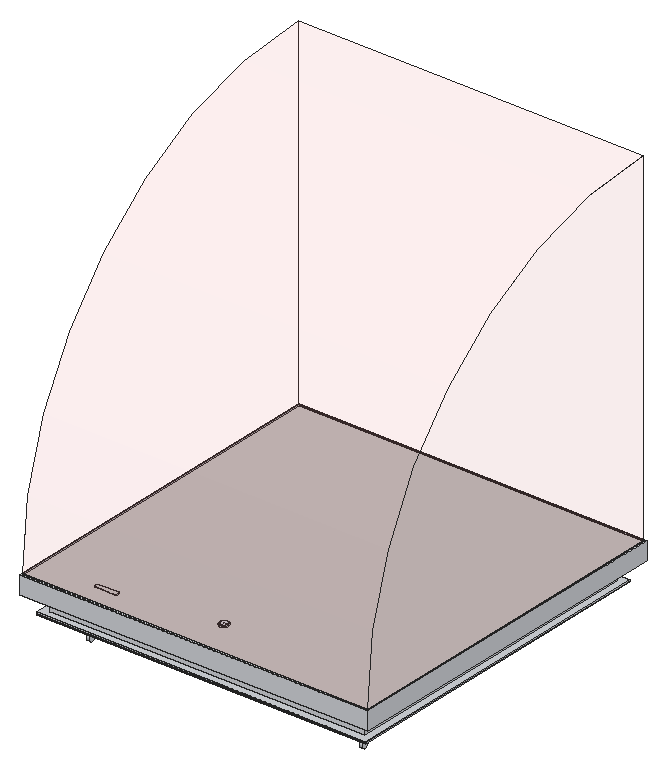
Revit family "Door_Access_Fire-Floor_Acudor_FRFD", category Generic Models, host Face, Revit 2026
Family settings
  Host = Face
  Can host rebar = No
  Round Connector Dimension = Use Diameter
  Part Type = Normal
  Cut with Voids When Loaded = No
  Maintain Annotation Orientation = No
  Shared = No
  Room Calculation Point = No
Parameters (values of type "48 x 48 Nom")
  Warranty Duration (Years) = 0
  Unit Width = 4' - 0"
  Unit Weight = 280
  Unit Height = 4' - 0"
  Unit Depth = 0' - 8"
  URL = "http://www.acudor.com/"
  Test Data = ""
  Swing Clearance Visible [instance] = yes
  Standards Conformance = "NFPA 288  ;   ASTM E119  ;  Warnock Hersey International"
  Specification = ""
  SpecWizard = ""
  Send Message = ""
  Sales Information = "http://www.acudor.com/contactus"
  Revision = "R1_2017-03"
  Product Properties = ""
  Product Data = "http://www.arcat.com/arcatcos/cos30/arc30126.html"
  Overall Width = 4' - 10"
  Overall Height = 4' - 10"
  Opening Width = Unit Width  # 4' - 0"
  Opening Height = Unit Height  # 4' - 0"
  Opening Depth [instance] = 1' - 0"
  Model = "FRFD"
  Manufacturer Website = "http://www.acudor.com/"
  Manufacturer Phone - Toll Free = "800-722-0501"
  Manufacturer Phone = "973-575-5120"
  Manufacturer Fax = "973-575-5160"
  Manufacturer Address = "80 Little Falls Rd.  Fairfield, NJ 07004"
  Manufacturer = "Acudor Products Inc"
  Maintenance Schedule (Months) = 0
  Keynote = ""
  Installation-Fabrication = ""
  Installation Phase = ""
  Green Building-LEED = "http://www.arcat.com/green/clients/leed_data_30126.html"
  Fixture Finish [instance] = Metal - Acudor - Aluminum Diamond Plated
  Fire Performance = "2 HR Floor Ceiling Assembly"
  Expected Lifespan (Years) = 0
  Drawn By = "Sumex Design, Inc. / Robert S. Weygant, CSI, CDT, SCIP"
  Door Width = Overall Width - 0' 0 1/2"  # 4' - 9 1/2"
  Door Height = Overall Height - 0' 0 1/2"  # 4' - 9 1/2"
  Description = "Acudor Fire Rated Flush Floor Access Door - FRFD as Specified"
  Default Elevation = 0' - 0"  # constant formula
  Copyright = "©Arcat Inc."
  Construction Details = ""
  Clearance Material [instance] = ARCAT Clearance
  Clear Opening Width = 4' - 0"
  Clear Opening Height = 3' - 8"
  Capacity = "Live Load 150 lbs/sqft"
  Available Options [instance] = "as Specified"
  Assembly Code = ""
Types (9): name | Unit Width | Unit Weight | Unit Height | Overall Width | Overall Height | Opening Width | Opening Height | Door Width | Door Height | Clear Opening Width | Clear Opening Height
  48 x 48 Nom | 4' - 0" | 280 | 4' - 0" | 4' - 10" | 4' - 10" | 4' - 0" | 4' - 0" | 4' - 9 1/2" | 4' - 9 1/2" | 4' - 0" | 3' - 8"
  42 x 42 Nom | 3' - 6" | 250 | 3' - 6" | 4' - 4" | 4' - 4" | 3' - 6" | 3' - 6" | 4' - 3 1/2" | 4' - 3 1/2" | 3' - 6" | 3' - 2"
  36 x 48 Nom | 3' - 0" | 240 | 4' - 0" | 3' - 10" | 4' - 10" | 3' - 0" | 4' - 0" | 3' - 9 1/2" | 4' - 9 1/2" | 4' - 0" | 2' - 8"
  36 x 36 Nom | 3' - 0" | 190 | 3' - 0" | 3' - 10" | 3' - 10" | 3' - 0" | 3' - 0" | 3' - 9 1/2" | 3' - 9 1/2" | 3' - 0" | 2' - 8"
  30 x 36 Nom | 2' - 6" | 160 | 3' - 0" | 3' - 4" | 3' - 10" | 2' - 6" | 3' - 0" | 3' - 3 1/2" | 3' - 9 1/2" | 3' - 0" | 2' - 2"
  30 x 30 Nom | 2' - 6" | 130 | 2' - 6" | 3' - 4" | 3' - 4" | 2' - 6" | 2' - 6" | 3' - 3 1/2" | 3' - 3 1/2" | 2' - 6" | 2' - 2"
  24 x 48 Nom | 2' - 0" | 160 | 4' - 0" | 2' - 10" | 4' - 10" | 2' - 0" | 4' - 0" | 2' - 9 1/2" | 4' - 9 1/2" | 4' - 0" | 1' - 8"
  24 x 36 Nom | 2' - 0" | 140 | 3' - 0" | 2' - 10" | 3' - 10" | 2' - 0" | 3' - 0" | 2' - 9 1/2" | 3' - 9 1/2" | 3' - 0" | 1' - 8"
  24 x 24 Nom | 2' - 0" | 80 | 2' - 0" | 2' - 10" | 2' - 10" | 2' - 0" | 2' - 0" | 2' - 9 1/2" | 2' - 9 1/2" | 2' - 0" | 1' - 8"
Reference planes (in)
  plane 1 "Center (Front/Back)": y = 1.28343
  plane 2: z = 0
  plane 3 "Center (Left/Right)": x = 0
  plane 4: y = 25.28343
  plane 5: y = -22.71657
  plane 6: x = -24
  plane 7: x = 24
  plane 8: z = 0
  plane 9: y = 30.28343
  plane 10: y = -27.71657
  plane 11: x = -29
  plane 12: x = 29
  plane 13: z = -8
  plane 14: x = -24
  plane 15: x = 24
  plane 16: y = 25.28343
  plane 17: y = -22.71657
  plane 18: z = -12
  plane 19: x = -28.75
  plane 20: x = 28.75
Forms (in)
  Extrusion 1, void
    sketch origin (0, 0, 0) x (1, 0, 0) y (0, 1, 0)
      loop
        line (-24, 25.28343) -> (-24, -22.71657) -> (24, -22.71657) -> (24, 25.28343) -> (-24, 25.28343)
    from -12 to 0
  Extrusion 2, void
    sketch origin (0, 0, 0) x (1, 0, 0) y (0, 1, 0)
      loop
        line (-29, 30.28343) -> (-29, -27.71657) -> (29, -27.71657) -> (29, 30.28343) -> (-29, 30.28343)
    from 0 to -3
  Sweep 3, solid
    path origin (0, 0, 0) x (1, 0, 0) y (0, 1, 0)
      loop
        line (-29, 30.28343) -> (-29, -27.71657) -> (29, -27.71657) -> (29, 30.28343) -> (-29, 30.28343)
    profile origin (0, 30.28343, 0) x (0, 1, 0) y (0, 0, 1)
      loop
        line (0, 0) -> (-0.25, 0) -> (-0.25, -2.75) -> (-3, -2.75) -> (-3, -3) -> (0, -3) -> (0, 0)
  Sweep 4, solid
    path origin (0, 0, 0) x (1, 0, 0) y (0, 1, 0)
      loop
        line (-29, 30.28343) -> (-29, -27.71657) -> (29, -27.71657) -> (29, 30.28343) -> (-29, 30.28343)
    profile origin (0, 30.28343, 0) x (0, 1, 0) y (0, 0, 1)
      loop
        line (-3, -3) -> (-3, -6) -> (-1.5, -6) -> (-1.5, -5.75) -> (-2.75, -5.75) -> (-2.75, -3.25) -> (-1.5, -3.25) -> (-1.5, -3) -> (-3, -3)
  Sweep 5, void
    path origin (0, 0, 0) x (1, 0, 0) y (0, 1, 0)
      loop
        line (-26, 27.28343) -> (-26, -24.71657) -> (26, -24.71657) -> (26, 27.28343) -> (-26, 27.28343)
    profile origin (0, 27.28343, 0) x (0, 1, 0) y (0, 0, 1)
      loop
        line (1.5, -3) -> (0, -3) -> (0, -6) -> (1.5, -6) -> (1.5, -5.75) -> (0.25, -5.75) -> (0.25, -3.25) -> (1.5, -3.25) -> (1.5, -3)
  Extrusion 6, void
    sketch origin (0, 0, 0) x (1, 0, 0) y (0, 1, 0)
      loop
        line (-26, 27.28343) -> (-26, -24.71657) -> (26, -24.71657) -> (26, 27.28343) -> (-26, 27.28343)
    from -6 to -3
  Sweep 7, solid
    path origin (0, 0, 0) x (1, 0, 0) y (0, 1, 0)
      loop
        line (-29, 30.28343) -> (-29, -27.71657) -> (29, -27.71657) -> (29, 30.28343) -> (-29, 30.28343)
    profile origin (0, 30.28343, 0) x (0, 1, 0) y (0, 0, 1)
      loop
        line (-1.5, -6) -> (-5, -6) -> (-5, -8) -> (-4.875, -8) -> (-4.875, -6.125) -> (-1.5, -6.125) -> (-1.5, -6)
  Sweep 8, void
    path origin (0, 0, 0) x (1, 0, 0) y (0, 1, 0)
      loop
        line (-29, 30.28343) -> (-29, -27.71657) -> (29, -27.71657) -> (29, 30.28343) -> (-29, 30.28343)
    profile origin (0, 30.28343, 0) x (0, 1, 0) y (0, 0, 1)
      loop
        line (-5, -6) -> (-5, -8) -> (-4.875, -8) -> (-4.875, -6.125) -> (-1.5, -6.125) -> (-1.5, -6) -> (-5, -6)
  Extrusion 9, solid
    sketch origin (0, 0, 0) x (1, 0, 0) y (0, 1, 0)
      loop
        line (-28.75, 30.03343) -> (-28.75, -27.46657) -> (28.75, -27.46657) -> (28.75, 30.03343) -> (-28.75, 30.03343)
    from 0 to -2.75
  Extrusion 10, solid
    sketch origin (0, 0, 0) x (1, 0, 0) y (0, 1, 0)
      loop
        line (-25.5, 26.78343) -> (-25.5, -24.21657) -> (25.5, -24.21657) -> (25.5, 26.78343) -> (-25.5, 26.78343)
    from -6 to -2.75
  Extrusion 11, solid
    sketch origin (24, 19.13326, 48) x (0, 1, 0) y (0, 0, 1)
      loop
        line (-40.34983, -54.125) -> (-40.34983, -55.375) -> (-40.03733, -55.375) -> (-40.03733, -57.68497)
        arc (-40.03733, -57.68497) -> (-39.97483, -58.68105) -> (-39.91233, -57.68497) r 0.5
        line (-39.91233, -57.68497) -> (-39.91233, -55.375) -> (-39.59983, -55.375) -> (-39.59983, -54.125) -> (-40.34983, -54.125)
    from -1.5 to -1
  Extrusion 12, solid
    sketch origin (-24, 19.13326, 48) x (0, 1, 0) y (0, 0, 1)
      loop
        line (-40.34983, -54.125) -> (-40.34983, -55.375) -> (-40.03733, -55.375) -> (-40.03733, -57.68497)
        arc (-40.03733, -57.68497) -> (-39.97483, -58.68105) -> (-39.91233, -57.68497) r 0.5
        line (-39.91233, -57.68497) -> (-39.91233, -55.375) -> (-39.59983, -55.375) -> (-39.59983, -54.125) -> (-40.34983, -54.125)
    from 1.5 to 1
  Extrusion 13, solid, material "Metal - Acudor - Aluminum Diamond Plated" <- "Fixture Finish"
    sketch origin (0, 0, 0) x (1, 0, 0) y (0, 1, 0)
      loop
        arc (-19.31977, -23.40898) -> (-19.49655, -23.48221) -> (-19.56977, -23.65898) r 0.25
        line (-19.56977, -23.65898) -> (-19.56977, -23.90898)
        arc (-19.56977, -23.90898) -> (-19.49655, -24.08576) -> (-19.31977, -24.15898) r 0.25
        line (-19.31977, -24.15898) -> (-16.06977, -24.15898)
        arc (-16.06977, -24.15898) -> (-15.893, -24.08576) -> (-15.81977, -23.90898) r 0.25
        line (-15.81977, -23.90898) -> (-15.81977, -23.65898)
        arc (-15.81977, -23.65898) -> (-15.893, -23.48221) -> (-16.06977, -23.40898) r 0.25
        line (-16.06977, -23.40898) -> (-19.31977, -23.40898)
    from 0 to -2.04273
  Extrusion 14, solid
    sketch origin (0, 0, 0) x (1, 0, 0) y (0, 1, 0)
      loop
        circle (0, -21.49023) r 0.75
    from 0 to 0.0625
  Extrusion 15, solid
    sketch origin (0, 0, 0) x (1, 0, 0) y (0, 1, 0)
      loop
        circle (0, -21.49023) r 0.62422
      loop
        line (-0.56975, -21.39055) -> (-0.56975, -21.5899) -> (0.56975, -21.5899) -> (0.56975, -21.39055) -> (-0.56975, -21.39055)
    from 0 to 0.18343
  Extrusion 16, solid, material "ARCAT Clearance" <- "Clearance Material", visible <- "Swing Clearance Visible"
    sketch origin (0, 0, 0) x (0, 1, 0) y (0, 0, 1)
      loop
        arc (30.03343, 57.5) -> (-10.62521, 40.65864) -> (-27.46657, 0) r 57.5
        line (-27.46657, 0) -> (30.03343, 0) -> (30.03343, 57.5)
    from -28.75 to 28.75
Dimensions and locks (in)
  locked: plane 8 to level
  equal spacing: plane 4, plane 1 "Center (Front/Back)", plane 5
  "Unit Height": plane 4 to plane 5
  equal spacing: plane 6, plane 3 "Center (Left/Right)", plane 7
  "Unit Width": plane 6 to plane 7
  equal spacing: plane 11, plane 3 "Center (Left/Right)", plane 12
  equal spacing: plane 9, plane 1 "Center (Front/Back)", plane 10
  "Overall Width": plane 11 to plane 12
  "Overall Height": plane 9 to plane 10
  "Unit Depth": plane 8 to plane 13
  equal spacing: plane 16, plane 1 "Center (Front/Back)", plane 17
  equal spacing: plane 14, plane 3 "Center (Left/Right)", plane 15
  "Opening Width": plane 14 to plane 15
  "Opening Height": plane 16 to plane 17
  "Opening Depth": level to plane 18
  locked: plane 11 to Sweep 5 sketch curve at 3
  locked: Sweep 5 sketch curve to plane 12 at 3
  locked: plane 9 to Sweep 5 sketch curve at 3
  locked: Sweep 5 sketch curve to plane 10 at 3
  locked: plane 9 to Extrusion 6 sketch curve at 3
  locked: Extrusion 6 sketch curve to plane 10 at 3
  locked: plane 11 to Extrusion 6 sketch curve at 3
  locked: Extrusion 6 sketch curve to plane 12 at 3
  locked: plane 9 to Extrusion 9 sketch curve at 0.25
  locked: plane 11 to Extrusion 9 sketch curve at 0.25
  locked: Extrusion 9 sketch curve to plane 12 at 0.25
  locked: Extrusion 9 sketch curve to plane 10 at 0.25
  locked: plane 9 to Extrusion 10 sketch curve at 3.5
  locked: plane 11 to Extrusion 10 sketch curve at 3.5
  locked: Extrusion 10 sketch curve to plane 12 at 3.5
  locked: Extrusion 10 sketch curve to plane 10 at 3.5
  Extrusion 11 sketch curve to Extrusion 11 sketch curve to Extrusion 11 sketch curve to plane 13 to Extrusion 11 sketch curve = 0' - 1 1/4" locked, 0' - 0" locked, 0' - 0 5/8" locked, 0' - 2.18105" locked
  Extrusion 12 sketch curve to Extrusion 12 sketch curve to Extrusion 12 sketch curve to plane 13 to Extrusion 12 sketch curve = 0' - 1 1/4" locked, 0' - 0" locked, 0' - 0 5/8" locked, 0' - 2.18105" locked
  plane 17 to Extrusion 11 sketch curve to Extrusion 11 sketch curve to Extrusion 11 sketch curve to Extrusion 11 sketch curve to Extrusion 11 sketch curve = 0' - 1 1/2" locked, 0' - 0 5/16" locked, 0' - 0 1/16" locked, 0' - 0 1/16" locked, 0' - 0 5/16" locked
  plane 17 to Extrusion 12 sketch curve to Extrusion 12 sketch curve to Extrusion 12 sketch curve to Extrusion 12 sketch curve to Extrusion 12 sketch curve = 0' - 1 1/2" locked, 0' - 0 5/16" locked, 0' - 0 1/16" locked, 0' - 0 1/16" locked, 0' - 0 5/16" locked
  Extrusion 13 sketch curve to Extrusion 13 sketch curve to plane 10 = 0' - 0 3/4" locked, 0' - 3.55759" locked
  plane 11 to Extrusion 13 sketch curve to Extrusion 13 sketch curve = 0' - 9.43023" locked, 0' - 3 3/4" locked
  Extrusion 15 sketch curve to Extrusion 15 sketch curve to Extrusion 15 sketch curve to plane 10 = 0' - 0.09968" locked, 0' - 0.09968" locked, 0' - 6.12667" locked
  locked: Extrusion 14 sketch curve to plane 10 at 6.22634
  locked: Extrusion 16 sketch curve to plane 9 at 0.25
  locked: plane 10 to Extrusion 16 sketch curve at 0.25
  locked: plane 11 to plane 19 at 0.25
  locked: plane 12 to plane 20 at 0.25
  "Door Height": radius of Extrusion 16 sketch curve
  aligned and locked: host face to plane 2
  aligned and locked: host face to level
  aligned and locked: Extrusion 1 sketch curve to plane 16
  aligned and locked: Extrusion 1 sketch curve to plane 14
  aligned and locked: Extrusion 1 sketch curve to plane 17
  aligned and locked: Extrusion 1 sketch curve to plane 15
  aligned and locked: Extrusion 1 to plane 18
  aligned and locked: plane 8 to Extrusion 1
  aligned and locked: Extrusion 2 sketch curve to plane 9
  aligned and locked: Extrusion 2 sketch curve to plane 11
  aligned and locked: Extrusion 2 sketch curve to plane 10
  aligned and locked: Extrusion 2 sketch curve to plane 12
  aligned and locked: Sweep 3 sketch curve to plane 9
  aligned and locked: Sweep 3 sketch curve to plane 11
  aligned and locked: Sweep 3 sketch curve to plane 10
  aligned and locked: Sweep 3 sketch curve to plane 12
  aligned and locked: Sweep 4 sketch curve to Sweep 3  (x4)
  aligned and locked: Sweep 7 sketch curve to Sweep 3  (x3)
  aligned and locked: Sweep 7 sketch curve to plane 12
  aligned and locked: Sweep 8 sketch curve to Sweep 3  (x4)
  aligned and locked: Extrusion 16 to plane 20
  aligned and locked: Extrusion 16 to plane 19
Automatic sketch dimensions
  host sketch curve to host sketch curve = 12' - 11.75605"
  host sketch curve to host sketch curve = 12' - 7.74281"
  Sweep 3 sketch curve to level = 0' - 0"
  Sweep 3 sketch curve to profile plane = 0' - 0"
  profile plane to Sweep 3 sketch curve = 0' - 0 1/4"
  Sweep 3 sketch curve to Sweep 3 sketch curve = 0' - 2 3/4"  (x2)
  Sweep 3 sketch curve to Sweep 3 sketch curve = 0' - 0 1/4"
  profile plane to Sweep 4 sketch curve = 0' - 3"
  Sweep 4 sketch curve to Sweep 4 sketch curve = 0' - 0 1/4"  (x3)
  Sweep 4 sketch curve to Sweep 4 sketch curve = 0' - 1 1/4"  (x2)
  Sweep 4 sketch curve to level = 0' - 6"
  Sweep 4 sketch curve to Sweep 4 sketch curve = 0' - 2 1/2"
  Sweep 5 sketch curve to profile plane = 0' - 0"
  Sweep 5 sketch curve to profile plane = 0' - 0 1/4"
  Sweep 5 sketch curve to Sweep 5 sketch curve = 0' - 1 1/4"  (x2)
  Sweep 5 sketch curve to level = 0' - 6"
  Sweep 5 sketch curve to Sweep 5 sketch curve = 0' - 0 1/4"  (x2)
  Sweep 5 sketch curve to Sweep 5 sketch curve = 0' - 2 1/2"
  profile plane to Sweep 7 sketch curve = 0' - 5"
  Sweep 7 sketch curve to Sweep 7 sketch curve = 0' - 0 1/8"  (x2)
  Sweep 7 sketch curve to level = 0' - 8"
  Sweep 7 sketch curve to Sweep 7 sketch curve = 0' - 1 7/8"
  profile plane to Sweep 7 sketch curve = 0' - 1 1/2"
  profile plane to Sweep 8 sketch curve = 0' - 5"
  Sweep 8 sketch curve to Sweep 8 sketch curve = 0' - 0 1/8"  (x2)
  profile plane to Sweep 8 sketch curve = 0' - 1 1/2"
  Sweep 8 sketch curve to level = 0' - 8"
  Sweep 8 sketch curve to Sweep 8 sketch curve = 0' - 1 7/8"
  Extrusion 11 sketch curve to Extrusion 11 sketch curve = 0' - 0 127/256"
  Extrusion 12 sketch curve to Extrusion 12 sketch curve = 0' - 0 127/256"
  Extrusion 13 sketch curve to Extrusion 13 sketch curve = 0' - 0 1/4"  (x3)
  Extrusion 13 sketch curve to Extrusion 13 sketch curve = 0' - 0"
  Extrusion 14 sketch curve to plane 3 "Center (Left/Right)" = 0' - 0"
  Extrusion 15 sketch curve to plane 3 "Center (Left/Right)" = 0' - 0"
  Extrusion 15 sketch curve to plane 3 "Center (Left/Right)" = 0' - 0.56975"
  plane 3 "Center (Left/Right)" to Extrusion 15 sketch curve = 0' - 0.56975"
  Extrusion 16 sketch curve to level = 0' - 0"
  radius of Extrusion 14 sketch curve = 0' - 0 3/4"
  radius of Extrusion 15 sketch curve = 0' - 0.62422"
